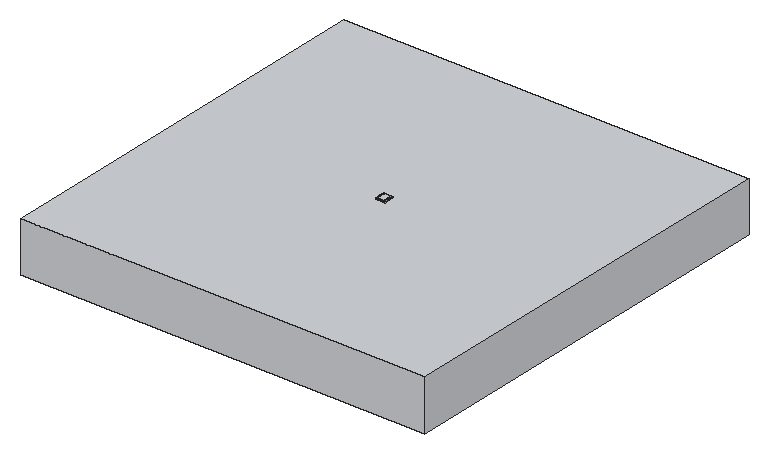
Revit family "Gira_513600", category Allgemeines Modell, Revit 2017
Family settings
  Basisbauteil = Fläche
  Kann Basisbauteil für Bewehrung sein = Nein
  Bemaßung runder Anschluss = Durchmesser verwenden
  Teiletyp = Normal
  Beim Laden mit Abzugskörper schneiden = Nein
  Gemeinsam genutzt = Nein
  Raumberechnungspunkt = Nein
Parameters
  Werkstoffgüte = "sonstige"
  Werkstoff = "sonstige"
  Default Elevation = 1219.2 mm
  URL = "https://www.gira.de/"
  Typname = "KNX Tastsens.3 Komfort 6f (3+3) System 55, Gira E22"
  Transparent = no
  Schutzart (IP) = "IP20"
  Produktseite = "http://katalog.gira.de/de_DE/datenblatt.html?artikelnr=513600"
  Oberfläche = "sonstige"
  Montageart = "Unterputz"
  Mit Raumthermostat = yes
  Mit LED-Anzeige = yes
  Mit Infrarotsensor = no
  Mit Display = no
  Mit Diebstahl-/Demontageschutz = yes
  Mit Busankopplung = no
  Mit Beschriftungsfeld = no
  Hersteller = "Gira"
  HAN = "513600"
  GTIN = "4010337086871"
  Farbe = "sonstige"
  Datenblatt = "https://katalog.gira.de/de_DE/download.html?artikelnr=513600"
  Bussystem Powernet = no
  Bussystem LON = no
  Bussystem KNX-Funk = no
  Bussystem KNX = yes
  Bussystem Funkbus = no
  Beschreibung = "KNX Tastsensor 3 Komfort 6fach (3+3) System 55, Gira E22 Inbetriebnahme-Wippe Merkmale: - Montage auf Busankoppler 3. - Demontageschutz durch Verschraubung. - Zwei mehrfarbige Status-LEDs je Bedienfläche. - Integrierter Temperatursensor zum Messen und Weiterleiten der lokalen Raumtemperatur. - Wippen- oder Tastenfunktion für jede Bedienfläche einstellbar. - Wippenfunktion: Schalten, Dimmen, Jalousiesteuerung, Wertgeber 1 Byte, Wertgeber 2 Byte, Szenennebenstelle und Raumtemperaturregler-Nebenstelle. - Tastenfunktion: Schalten, Dimmen, Jalousiesteuerung, Wertgeber 1 Byte, Wertgeber 2 Byte, Szenennebenstelle und Raumtemperaturregler-Nebenstelle. - Reglernebenstelle: Betriebsmodusumschaltung mit normaler und hoher Priorität, definierte Wahl eines Betriebsmodus, Wechsel zwischen verschiedenen Betriebsmodi, Wechsel des Präsenzzustands, Sollwertverschiebung. - Sperrobjekt zum Sperren von einzelnen Tasten- bzw. Wippenfunktionen. - Anzeige einer Alarmmeldung durch Blinken sämtlicher LEDs. - Mehrfarbige Status-LED (rot, grün, blau) ist global oder jeweils getrennt konfigurierbar. Über den Bus kann eine überlagerte Funktion aktiviert werden, wodurch Farbe und Anzeigeinformation einzelner Status-LEDs prioritätsbedingt verändert werden können. - Kommunikationsobjekt zur Helligkeitssteuerung der Status-LED und zur Beschriftungsfeldbeleuchtung (z. B. für nächtliche Reduzierung der Helligkeit in Schlafräumen). - Beschriftungsfeldbeleuchtung bei Wippensets mit Beschriftungsfeld. - Beschriftungsfeldbeleuchtung EIN, AUS, automatische Abschaltung oder über Objekt schaltbar.  Hinweise : - Professionelle Beschriftung über den Gira Beschriftungsservice www.beschriftung.gira.de. - Der Tastsensor wird mit einer programmneutralen Inbetriebnahme-Wippe geliefert. Das passende Wippenset zum Schalterprogramm ist separat zu bestellen."
  BIM = "https://media.stage.bim.site/public/gira/ce1eeae/SYS55_Tastsensor.rfa"
  Ausführung der Oberfläche = "nicht zutreffend"
  Anzahl der Tasten = 6
  Anzahl der Betätigungspunkte = 12
  Andere Bussysteme = "ohne"
Reference planes
  plane 1 "Center (Front/Back)": y = 0
  plane 2: z = 0
  plane 3 "Center (Left/Right)": x = 0
Forms (mm)
  Extrusion 1, solid
    sketch origin (0, 0, 0) x (1, 0, 0) y (0, 1, 0)
      loop
        line (-1219.2, 1219.2) -> (-1219.2, -1219.2) -> (1219.2, -1219.2) -> (1219.2, 1219.2) -> (-1219.2, 1219.2)
    from 0 to -304.8
  Extrusion 2, solid, detail levels fine
    sketch origin (0, 0, 0) x (1, 0, 0) y (0, 1, 0)
      loop
        line (-6.6, -21.3) -> (-6.6, -16) -> (6.6, -16) -> (6.6, -21.3) -> (7.4, -21.3) -> (7.4, -15.2) -> (-7.4, -15.2) -> (-7.4, -21.3) -> (-6.6, -21.3)
    from -9.5 to -1.5
  Extrusion 3, solid, detail levels fine
    sketch origin (0, 0, 0) x (1, 0, 0) y (0, 1, 0)
      loop
        circle (-5.08, -17.5) r 0.5
      loop
        circle (-2.54, -17.48) r 0.5
      loop
        circle (0, -17.5) r 0.5
      loop
        circle (2.54, -17.48) r 0.5
      loop
        circle (5.08, -17.5) r 0.5
      loop
        circle (5.08, -20.04) r 0.5
      loop
        circle (2.54, -20.02) r 0.5
      loop
        circle (0, -20.04) r 0.5
      loop
        circle (-2.54, -20.02) r 0.5
      loop
        circle (-5.08, -20.04) r 0.5
    from -8.48 to -1.5
  Extrusion 4, solid, detail levels fine
    sketch origin (0, 0, 0) x (1, 0, 0) y (0, 1, 0)
      loop
        arc (-23.95, -19.15) -> (-22.544, -22.544) -> (-19.15, -23.95) r 4.8
        line (-19.15, -23.95) -> (19.15, -23.95)
        arc (19.15, -23.95) -> (22.544, -22.544) -> (23.95, -19.15) r 4.8
        line (23.95, -19.15) -> (23.95, 19.15)
        arc (23.95, 19.15) -> (22.544, 22.544) -> (19.15, 23.95) r 4.8
        line (19.15, 23.95) -> (-19.15, 23.95)
        arc (-19.15, 23.95) -> (-22.544, 22.544) -> (-23.95, 19.15) r 4.8
        line (-23.95, 19.15) -> (-23.95, -19.15)
    from -1.5 to 0.5
  Extrusion 5, solid, detail levels fine
    sketch origin (0, 0, 0) x (1, 0, 0) y (0, 1, 0)
      loop
        line (27.6, -27.7) -> (27.6, -26.6) -> (26.1, -26.6) -> (26.1, -10.4) -> (27.45, -10.4) -> (27.45, -8.1) -> (26.1, -8.1) -> (26.1, 8.1) -> (27.45, 8.1) -> (27.45, 10.4) -> (26.1, 10.4) -> (26.1, 26.6) -> (27.6, 26.6) -> (27.6, 27.7) -> (-27.6, 27.7) -> (-27.6, 26.6) -> (-26.1, 26.6) -> (-26.1, 10.4) -> (-27.45, 10.4) -> (-27.45, 8.1) -> (-26.1, 8.1) -> (-26.1, -8.1) -> (-27.45, -8.1) -> (-27.45, -10.4) -> (-26.1, -10.4) -> (-26.1, -26.6) -> (-27.6, -26.6) -> (-27.6, -27.7) -> (27.6, -27.7)
    from 0 to 5.44
  Extrusion 6, solid, detail levels fine
    sketch origin (0, 0, 0) x (0, 1, 0) y (0, 0, 1)
      loop
        arc (15.5, 5.92) -> (15.146, 5.774) -> (15, 5.42) r 0.5
        line (15, 5.42) -> (15, 3.62)
        arc (15, 3.62) -> (15.146, 3.267) -> (15.5, 3.12) r 0.5
        line (15.5, 3.12) -> (21.5, 3.12)
        arc (21.5, 3.12) -> (21.854, 3.267) -> (22, 3.62) r 0.5
        line (22, 3.62) -> (22, 5.42)
        arc (22, 5.42) -> (21.854, 5.774) -> (21.5, 5.92) r 0.5
        line (21.5, 5.92) -> (15.5, 5.92)
      loop
        line (11.4, 1.3) -> (25.6, 1.3)
        arc (25.6, 1.3) -> (25.954, 1.446) -> (26.1, 1.8) r 0.5
        line (26.1, 1.8) -> (26.1, 5.7) -> (27.65, 5.7) -> (27.635, 7.4) -> (-27.635, 7.4) -> (-27.65, 5.7) -> (-26.1, 5.7) -> (-26.1, 1.8)
        arc (-26.1, 1.8) -> (-25.954, 1.446) -> (-25.6, 1.3) r 0.5
        line (-25.6, 1.3) -> (-11.4, 1.3)
        arc (-11.4, 1.3) -> (-11.046, 1.446) -> (-10.9, 1.8) r 0.5
        line (-10.9, 1.8) -> (-10.9, 5.7) -> (-8.05, 5.7) -> (-8.05, 1.8)
        arc (-8.05, 1.8) -> (-7.904, 1.446) -> (-7.55, 1.3) r 0.5
        line (-7.55, 1.3) -> (7.55, 1.3)
        arc (7.55, 1.3) -> (7.904, 1.446) -> (8.05, 1.8) r 0.5
        line (8.05, 1.8) -> (8.05, 5.7) -> (10.9, 5.7) -> (10.9, 1.8)
        arc (10.9, 1.8) -> (11.046, 1.446) -> (11.4, 1.3) r 0.5
      loop
        line (3, 5.92) -> (-3, 5.92)
        arc (-3, 5.92) -> (-3.354, 5.774) -> (-3.5, 5.42) r 0.5
        line (-3.5, 5.42) -> (-3.5, 3.62)
        arc (-3.5, 3.62) -> (-3.354, 3.267) -> (-3, 3.12) r 0.5
        line (-3, 3.12) -> (3, 3.12)
        arc (3, 3.12) -> (3.354, 3.267) -> (3.5, 3.62) r 0.5
        line (3.5, 3.62) -> (3.5, 5.42)
        arc (3.5, 5.42) -> (3.354, 5.774) -> (3, 5.92) r 0.5
      loop
        arc (-15.5, 3.12) -> (-15.146, 3.267) -> (-15, 3.62) r 0.5
        line (-15, 3.62) -> (-15, 5.42)
        arc (-15, 5.42) -> (-15.146, 5.774) -> (-15.5, 5.92) r 0.5
        line (-15.5, 5.92) -> (-21.5, 5.92)
        arc (-21.5, 5.92) -> (-21.854, 5.774) -> (-22, 5.42) r 0.5
        line (-22, 5.42) -> (-22, 3.62)
        arc (-22, 3.62) -> (-21.854, 3.267) -> (-21.5, 3.12) r 0.5
        line (-21.5, 3.12) -> (-15.5, 3.12)
    from -27.45 to -25
  Extrusion 7, solid, detail levels fine
    sketch origin (0, 0, 0) x (0, 1, 0) y (0, 0, -1)
      loop
        line (15.5, -5.92) -> (21.5, -5.92)
        arc (21.5, -5.92) -> (21.854, -5.774) -> (22, -5.42) r 0.5
        line (22, -5.42) -> (22, -3.62)
        arc (22, -3.62) -> (21.854, -3.267) -> (21.5, -3.12) r 0.5
        line (21.5, -3.12) -> (15.5, -3.12)
        arc (15.5, -3.12) -> (15.146, -3.267) -> (15, -3.62) r 0.5
        line (15, -3.62) -> (15, -5.42)
        arc (15, -5.42) -> (15.146, -5.774) -> (15.5, -5.92) r 0.5
      loop
        arc (11.4, -1.3) -> (11.046, -1.446) -> (10.9, -1.8) r 0.5
        line (10.9, -1.8) -> (10.9, -5.7) -> (8.05, -5.7) -> (8.05, -1.8)
        arc (8.05, -1.8) -> (7.904, -1.446) -> (7.55, -1.3) r 0.5
        line (7.55, -1.3) -> (-7.55, -1.3)
        arc (-7.55, -1.3) -> (-7.904, -1.446) -> (-8.05, -1.8) r 0.5
        line (-8.05, -1.8) -> (-8.05, -5.7) -> (-10.9, -5.7) -> (-10.9, -1.8)
        arc (-10.9, -1.8) -> (-11.046, -1.446) -> (-11.4, -1.3) r 0.5
        line (-11.4, -1.3) -> (-25.6, -1.3)
        arc (-25.6, -1.3) -> (-25.954, -1.446) -> (-26.1, -1.8) r 0.5
        line (-26.1, -1.8) -> (-26.1, -5.7) -> (-27.65, -5.7) -> (-27.635, -7.4) -> (27.635, -7.4) -> (27.65, -5.7) -> (26.1, -5.7) -> (26.1, -1.8)
        arc (26.1, -1.8) -> (25.954, -1.446) -> (25.6, -1.3) r 0.5
        line (25.6, -1.3) -> (11.4, -1.3)
      loop
        arc (3, -5.92) -> (3.354, -5.774) -> (3.5, -5.42) r 0.5
        line (3.5, -5.42) -> (3.5, -3.62)
        arc (3.5, -3.62) -> (3.354, -3.267) -> (3, -3.12) r 0.5
        line (3, -3.12) -> (-3, -3.12)
        arc (-3, -3.12) -> (-3.354, -3.267) -> (-3.5, -3.62) r 0.5
        line (-3.5, -3.62) -> (-3.5, -5.42)
        arc (-3.5, -5.42) -> (-3.354, -5.774) -> (-3, -5.92) r 0.5
        line (-3, -5.92) -> (3, -5.92)
      loop
        line (-15.5, -3.12) -> (-21.5, -3.12)
        arc (-21.5, -3.12) -> (-21.854, -3.267) -> (-22, -3.62) r 0.5
        line (-22, -3.62) -> (-22, -5.42)
        arc (-22, -5.42) -> (-21.854, -5.774) -> (-21.5, -5.92) r 0.5
        line (-21.5, -5.92) -> (-15.5, -5.92)
        arc (-15.5, -5.92) -> (-15.146, -5.774) -> (-15, -5.42) r 0.5
        line (-15, -5.42) -> (-15, -3.62)
        arc (-15, -3.62) -> (-15.146, -3.267) -> (-15.5, -3.12) r 0.5
    from -27.45 to -25
  Extrusion 8, solid, detail levels fine
    sketch origin (-82.195, -64.588, 0) x (1, 0, 0) y (0, 1, 0)
      loop
        line (54.545, 36.952) -> (109.845, 36.952) -> (109.845, 92.223) -> (54.545, 92.223) -> (54.545, 36.952)
    from 6.703 to 8.9
  Extrusion 9, solid, detail levels fine
    sketch origin (0, 0, 0) x (1, 0, 0) y (0, 1, 0)
      loop
        line (-19.2, 27) -> (-19.2, -27) -> (19.2, -27) -> (19.2, 27) -> (-19.2, 27)
    from 5.44 to 8
  Extrusion 10, solid, detail levels fine
    sketch origin (0, 0, 0) x (1, 0, 0) y (0, 1, 0)
      loop
        circle (-23.85, 0) r 1.269
      loop
        circle (23.85, 0) r 1.269
    from 6.703 to 9.6
  Extrusion 11, solid, detail levels medium
    sketch origin (0, 0, 0) x (1, 0, 0) y (0, 1, 0)
      loop
        line (27.65, 27.7) -> (-27.65, 27.7) -> (-27.65, -27.7) -> (27.65, -27.7) -> (27.65, 27.7)
    from 0 to 9.6
  Extrusion 12, solid, detail levels medium
    sketch origin (0, 0, 0) x (1, 0, 0) y (0, 1, 0)
      loop
        line (-23.95, -23.95) -> (23.95, -23.95) -> (23.95, 23.95) -> (-23.95, 23.95) -> (-23.95, -23.95)
    from -1.5 to 0.5
  Extrusion 13, solid, detail levels medium
    sketch origin (0, 0, 0) x (1, 0, 0) y (0, 1, 0)
      loop
        line (-7.4, -21.3) -> (7.4, -21.3) -> (7.4, -15.2) -> (-7.4, -15.2) -> (-7.4, -21.3)
    from -9.5 to -1.5
  Extrusion 14, solid, detail levels coarse
    sketch origin (0, 0, 0) x (1, 0, 0) y (0, 1, 0)
      loop
        line (27.65, 27.7) -> (-27.65, 27.7) -> (-27.65, -27.7) -> (27.65, -27.7) -> (27.65, 27.7)
    from -9.5 to 9.6
Dimensions and locks
  aligned and locked: plane 2 to Extrusion 1
  aligned and locked: level to Extrusion 1
Connectors
  electrical at (0, 0, -9.5)
    settings: on Extrusion 14, index 1, voltage 220 V, apparent load 0 VA, apparent load phase1 0 VA, apparent load phase2 0 VA, apparent load phase3 0 VA, power factor 1, load classification "Other", number of poles 1, system type 30, power factor state 1, is connector primary yes, connector utility no, sub classification motor no, connector description ""
